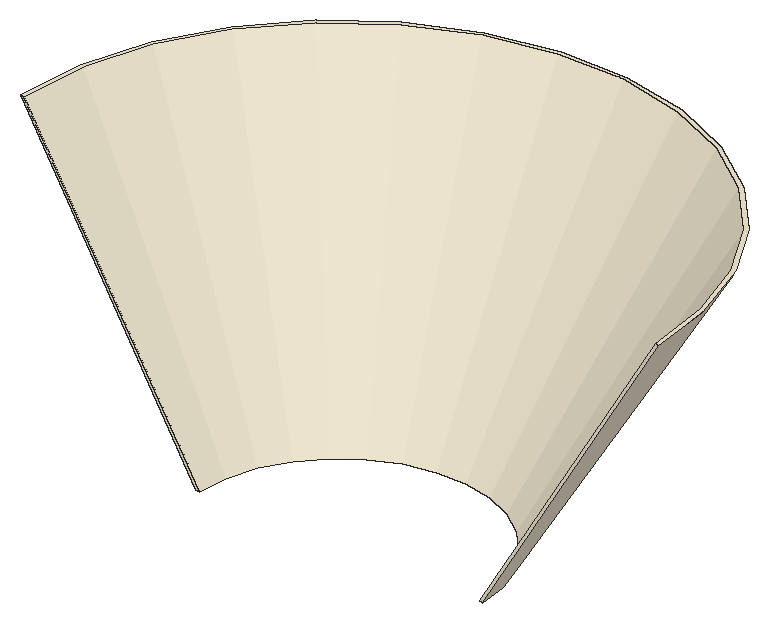
Revit family
Parameters (values of type "200 Watts")
  Wattage Comments = "200"
  Wattage = 200 W
  built-in parameter 1150110 = 1 (stored number, unit not read)
  built-in parameter 1114217 = 1 (stored number, unit not read)
  built-in parameter 1150109 = 1 (stored number, unit not read)
  built-in parameter 1150134 = 4
  built-in parameter 1150113 = 1 (stored number, unit not read)
  Mounting Height = 2100 mm
  built-in parameter 1150105 = 763.94 (stored number, unit not read)
  Lumens = 2400 lm
  Material of Lamp Shade = Lamp Shade Material
  built-in parameter 1150115 = 1 (stored number, unit not read)
  Light Source Symbol Size = 609.6 mm
  built-in parameter 1150137 = (empty or 0)
  built-in parameter 1150139 = (empty or 0)
  built-in parameter 1150112 = 1 (stored number, unit not read)
  built-in parameter 1150114 = 1 (stored number, unit not read)
  Lamp = "wl-1"
  built-in parameter 1150132 = (empty or 0)
  built-in parameter 1150102 = (empty or 0)
  built-in parameter 1150107 = 2800 (stored number, unit not read)
  built-in parameter 1150138 = (empty or 0)
  built-in parameter 1150106 = 7.6394 (stored number, unit not read)
  built-in parameter 1150104 = 1.1148 (stored number, unit not read)
  Dimming Lamp Color Temperature Shift = (empty or 0)
  Color Filter = 16777215
  built-in parameter 1114218 = 1 (stored number, unit not read)
  built-in parameter 1150133 = 10 (stored number, unit not read)
Types (2, lengths in mm): name | Wattage Comments | Wattage | built-in parameter 1150105 | Lumens | built-in parameter 1150106
  200 Watts | "200" | 200 W | 763.94 (stored number, unit not read) | 2400 lm | 7.6394 (stored number, unit not read)
  400 Watts | "400" | 400 W | 1527.9 (stored number, unit not read) | 4800 lm | 15.279 (stored number, unit not read)
Reference planes
  plane 1: y = 0
  plane 2 "Light Source Axis (L/R)": x = 125
  plane 3 "Light Source Axis (F/R)": y = 150
  plane 4 "Light Source Elevation": z = 2180
  plane 5: z = 2100
  plane 6: y = 253
  plane 7: x = -50
  plane 8: x = 300
  plane 9: y = 75
Forms (mm)
  Blend 1, solid, material "Lamp Shade Material" <- "Material of Lamp Shade"
    base sketch origin (0, 0, 2180) x (1, 0, 0) y (0, 1, 0)
      loop
        arc (48.383, 75) -> (125, 151.617) -> (201.617, 75) r 76.617
        line (201.617, 75) -> (203.617, 75)
        arc (203.617, 75) -> (125, 153.617) -> (46.383, 75) r 78.617
        line (46.383, 75) -> (48.383, 75)
    top sketch origin (0, 0, 2180) x (1, 0, 0) y (0, 1, 0)
      loop
        line (-50, 75) -> (-48, 75)
        arc (-48, 75) -> (125, 248) -> (298, 75) r 173
        line (298, 75) -> (300, 75)
        arc (300, 75) -> (125, 250) -> (-50, 75) r 175
    from -80 to 80
Text (mm)
  text "Placement side" at (-1787.139, 1116.779, 0), in view "Ref. Level"
  text "Placement side" at (0, 2110.396, 2986.058), in view "Left"
  text "Placement side" at (0, 628.478, 3011.967), in view "Right"
Dimensions and locks
  "Mounting Height": level to plane 5
  locked: plane 5 to plane 4 "Light Source Elevation" at 80
  plane 7 to plane 8 = 350 mm
  plane 9 to plane 6 = 178 mm
  locked: plane 9 to plane 3 "Light Source Axis (F/R)" at 75
  aligned and locked: plane 1 to host wall
  aligned and locked: plane 5 to Blend 1
  aligned and locked: Blend 1 sketch curve to plane 7
  aligned and locked: Blend 1 sketch curve to plane 8
  aligned and locked: Blend 1 sketch curve to host wall  (x2)
  aligned and locked: plane 9 to host wall
  aligned and locked: plane 2 "Light Source Axis (L/R)" to imposter light
  aligned and locked: plane 4 "Light Source Elevation" to imposter light
  aligned and locked: plane 3 "Light Source Axis (F/R)" to imposter light  (x2)
Automatic sketch dimensions
  Blend 1 sketch curve to Blend 1 sketch curve = 0 mm  (x2)
  Blend 1 sketch curve to plane 2 "Light Source Axis (L/R)" = 0 mm
  Blend 1 sketch curve to Blend 1 sketch curve = 76.617 mm
  Blend 1 sketch curve to Blend 1 sketch curve = 2 mm
  plane 7 to Blend 1 sketch curve = 2 mm
